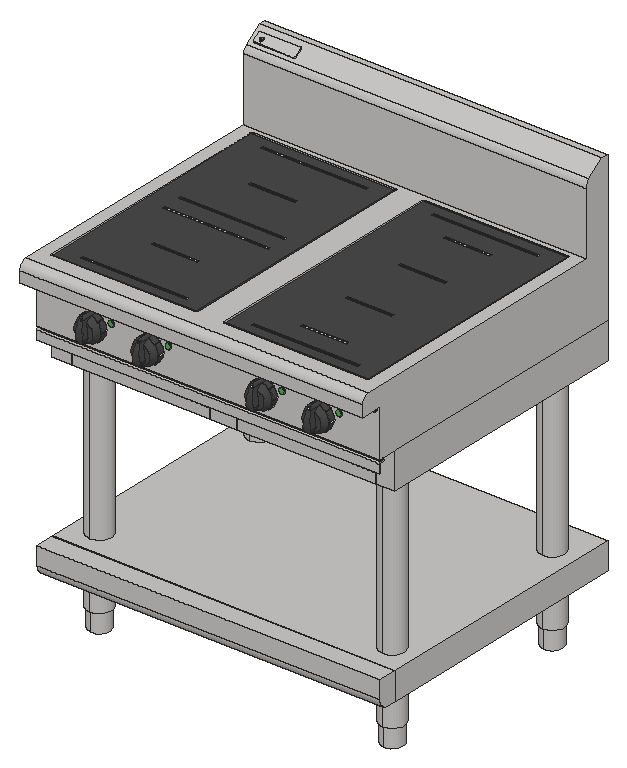
Revit family "QF_Moffat_IN8400R3F-LS_Induction Cooktop_cat", category Specialty Equipment, Revit 2019 (continued)
Definition of nested family "QF_LOGO_Waldorf"
  Lines and regions (mm)
    Split face 7
      outline origin (0, -1.881, 2.589) x (1, 0, 0) y (0, 0.809017, 0.587785)
        loop
          spline (76.449, 5.305) -> (77.855, 5.457) -> (79.166, 5.901) -> (80.291, 6.607) -> (81.155, 7.527) -> (81.698, 8.599) -> (81.883, 9.749) -> (81.698, 10.899) -> (81.155, 11.97) -> (80.291, 12.891) -> (79.166, 13.597) -> (77.855, 14.041) -> (76.449, 14.192)
          spline (76.449, 14.192) -> (75.042, 14.041) -> (73.731, 13.597) -> (72.606, 12.891) -> (71.742, 11.97) -> (71.199, 10.899) -> (71.014, 9.749) -> (71.199, 8.599) -> (71.742, 7.527) -> (72.606, 6.607) -> (73.731, 5.901) -> (75.042, 5.457) -> (76.449, 5.305)
    Split face 8
      outline origin (0, -1.881, 2.589) x (1, 0, 0) y (0, 0.809017, 0.587785)
        loop
          spline (76.449, 7.654) -> (76.841, 7.725) -> (77.206, 7.934) -> (77.52, 8.267) -> (77.76, 8.701) -> (77.912, 9.206) -> (77.963, 9.749) -> (77.912, 10.291) -> (77.76, 10.796) -> (77.52, 11.23) -> (77.206, 11.563) -> (76.841, 11.772) -> (76.449, 11.843)
          spline (76.449, 11.843) -> (76.057, 11.772) -> (75.691, 11.563) -> (75.378, 11.23) -> (75.137, 10.796) -> (74.986, 10.291) -> (74.934, 9.749) -> (74.986, 9.206) -> (75.137, 8.701) -> (75.378, 8.267) -> (75.691, 7.934) -> (76.057, 7.725) -> (76.449, 7.654)
    Split face 9
      outline origin (0, -1.881, 2.589) x (1, 0, 0) y (0, 0.809017, 0.587785)
        loop
          line (86.998, 12.335) -> (86.998, 13.879) -> (83.479, 13.879) -> (83.479, 5.728) -> (87.312, 5.728) -> (87.312, 8.975)
          spline (87.312, 8.975) -> (87.364, 9.356) -> (87.458, 9.686) -> (87.594, 9.968) -> (87.769, 10.204) -> (87.982, 10.398) -> (88.229, 10.55) -> (88.509, 10.666) -> (88.82, 10.746) -> (89.16, 10.794) -> (89.525, 10.812) -> (89.915, 10.803) -> (90.327, 10.77)
          line (90.327, 10.77) -> (90.327, 14.113)
          spline (90.327, 14.113) -> (89.929, 14.127) -> (89.552, 14.111) -> (89.197, 14.066) -> (88.865, 13.991) -> (88.554, 13.887) -> (88.266, 13.754) -> (87.999, 13.591) -> (87.755, 13.399) -> (87.532, 13.177) -> (87.332, 12.926) -> (87.154, 12.645) -> (86.998, 12.335)
    Split face 10
      outline origin (0, -1.881, 2.589) x (1, 0, 0) y (0, 0.809017, 0.587785)
        loop
          line (92.082, 13.879) -> (90.894, 13.879) -> (90.894, 11.972) -> (92.082, 11.972) -> (92.082, 5.728) -> (95.871, 5.728) -> (95.871, 11.972) -> (97.5, 11.972) -> (97.5, 13.879) -> (95.871, 13.879)
          spline (95.871, 13.879) -> (95.843, 14.088) -> (95.845, 14.278) -> (95.877, 14.447) -> (95.939, 14.596) -> (96.03, 14.726) -> (96.151, 14.835) -> (96.301, 14.925) -> (96.482, 14.995) -> (96.692, 15.045) -> (96.931, 15.075) -> (97.201, 15.085) -> (97.5, 15.076)
          line (97.5, 15.076) -> (97.5, 17.266) -> (95.367, 17.266)
          spline (95.367, 17.266) -> (94.982, 17.253) -> (94.58, 17.21) -> (94.174, 17.132) -> (93.774, 17.013) -> (93.39, 16.846) -> (93.034, 16.627) -> (92.717, 16.349) -> (92.448, 16.007) -> (92.24, 15.595) -> (92.102, 15.106) -> (92.046, 14.537) -> (92.082, 13.879)
  Dimensions and locks
    equal spacing: plane 3 "LEFT", plane 7 "Center Y", plane 4 "RIGHT"
    "Length": plane 3 "LEFT" to plane 4 "RIGHT"
    equal spacing: plane 5 "FRONT", plane 8 "Center X", plane 1 "BACK"
    "Depth": plane 5 "FRONT" to plane 1 "BACK"
    "Height": plane 6 "TOP" to level
    plane 4 "RIGHT" to plane 3 "LEFT" = 138 mm
    aligned and locked: level to plane 2
  Automatic sketch dimensions
    Extrusion 1 sketch curve to plane 3 "LEFT" = 0 mm
    plane 3 "LEFT" to Extrusion 1 sketch curve = 4 mm  (x2)
    Extrusion 1 sketch curve to Extrusion 1 sketch curve = 10.75 mm
    Extrusion 1 sketch curve to Extrusion 1 sketch curve = 0.5 mm
    plane 4 "RIGHT" to Extrusion 1 sketch curve = 33 mm
    Extrusion 1 sketch curve to Extrusion 1 sketch curve = 0 mm  (x3)
    Extrusion 1 sketch curve to Extrusion 1 sketch curve = 4 mm
    Extrusion 1 sketch curve to Extrusion 1 sketch curve = 3.464 mm  (x3)
    Extrusion 1 sketch curve to Extrusion 1 sketch curve = 3.541 mm
    Extrusion 1 sketch curve to Extrusion 1 sketch curve = 4.325 mm
    Extrusion 1 sketch curve to Extrusion 1 sketch curve = 19.783 mm
    Extrusion 1 sketch curve to Extrusion 1 sketch curve = 7.592 mm
    plane 3 "LEFT" to Extrusion 2 sketch curve = 15.25 mm
    Extrusion 2 sketch curve to Extrusion 2 sketch curve = 4.325 mm
    plane 3 "LEFT" to Extrusion 3 sketch curve = 14.75 mm
    Extrusion 3 sketch curve to Extrusion 3 sketch curve = 4.325 mm
    Extrusion 1 to Split face 1 sketch curve = 6.879 mm
    Split face 1 sketch curve to Extrusion 1 = 5.728 mm
    Split face 1 sketch curve to Split face 1 sketch curve = 3.132 mm
    Split face 1 sketch curve to Split face 1 sketch curve = 4.068 mm
    Split face 1 sketch curve to Split face 1 sketch curve = 3.051 mm
    Split face 1 sketch curve to Split face 1 sketch curve = 4.203 mm
    Split face 1 sketch curve to Split face 1 sketch curve = 2.916 mm
    Split face 1 sketch curve to Split face 1 sketch curve = 3.456 mm
    Split face 1 sketch curve to Split face 1 sketch curve = 2.934 mm
    Split face 1 sketch curve to Split face 1 sketch curve = 4.131 mm
    Split face 1 sketch curve to Split face 1 sketch curve = 3.96 mm
    Split face 1 sketch curve to Split face 1 sketch curve = 0 mm  (x2)
    Split face 1 sketch curve to Extrusion 1 = 9.736 mm  (x2)
    Extrusion 1 to Split face 1 sketch curve = 6.337 mm
    Extrusion 1 to Split face 1 sketch curve = 6.231 mm
    Extrusion 1 to Split face 1 sketch curve = 3.184 mm
    Extrusion 1 to Split face 1 sketch curve = 13.135 mm
    Split face 1 sketch curve to Split face 1 sketch curve = 4.652 mm
    Split face 1 sketch curve to Split face 1 sketch curve = 3.593 mm
    Split face 1 sketch curve to Split face 1 sketch curve = 1.863 mm
    Split face 1 sketch curve to Split face 1 sketch curve = 0.713 mm
    Split face 1 sketch curve to Split face 1 sketch curve = 2.684 mm
    Split face 1 sketch curve to Split face 1 sketch curve = 3.294 mm
    Split face 1 sketch curve to Split face 1 sketch curve = 0.459 mm
    Split face 1 sketch curve to Split face 1 sketch curve = 2.775 mm
    Split face 1 sketch curve to Split face 1 sketch curve = 1.89 mm
    Split face 1 sketch curve to Split face 1 sketch curve = 0.685 mm
    Split face 1 sketch curve to Split face 1 sketch curve = 9.486 mm
    Split face 1 sketch curve to Split face 1 sketch curve = 16.213 mm
    Split face 1 sketch curve to Split face 1 sketch curve = 3.48 mm
    Split face 1 sketch curve to Split face 1 sketch curve = 4.918 mm
    Split face 1 sketch curve to Split face 1 sketch curve = 7.609 mm
    Split face 1 sketch curve to Split face 1 sketch curve = 0.01 mm  (x2)
    Split face 1 sketch curve to Split face 1 sketch curve = 0.002 mm
    Split face 2 sketch curve to Extrusion 1 = 11.169 mm
    Extrusion 1 to Split face 2 sketch curve = 25.647 mm
    Split face 2 sketch curve to Split face 2 sketch curve = 3.72 mm
    Split face 2 sketch curve to Extrusion 1 = 11.965 mm
    Split face 2 sketch curve to Split face 2 sketch curve = 0.371 mm
    Split face 2 sketch curve to Extrusion 1 = 6.602 mm
    Split face 2 sketch curve to Split face 2 sketch curve = 2.689 mm
    Split face 2 sketch curve to Split face 2 sketch curve = 0.318 mm
    Split face 2 sketch curve to Split face 2 sketch curve = 3.729 mm
    Split face 2 sketch curve to Split face 2 sketch curve = 0.414 mm
    Split face 2 sketch curve to Split face 2 sketch curve = 0.875 mm
    Split face 2 sketch curve to Split face 2 sketch curve = 0.878 mm
    Split face 3 sketch curve to Extrusion 1 = 8.597 mm
    Extrusion 1 to Split face 3 sketch curve = 29.688 mm
    Split face 3 sketch curve to Extrusion 1 = 9.264 mm
    Split face 3 sketch curve to Split face 3 sketch curve = 2.326 mm
    Split face 4 sketch curve to Extrusion 1 = 5.728 mm
    Extrusion 1 to Split face 4 sketch curve = 38.08 mm
    Split face 4 sketch curve to Split face 4 sketch curve = 3.843 mm
    Split face 4 sketch curve to Extrusion 1 = 9.736 mm
    Split face 5 sketch curve to Extrusion 1 = 9.736 mm
    Split face 5 sketch curve to Extrusion 1 = 43.205 mm
    Split face 5 sketch curve to Extrusion 1 = 6.679 mm
    Split face 5 sketch curve to Split face 5 sketch curve = 0.342 mm
    Split face 5 sketch curve to Split face 5 sketch curve = 3.375 mm
    Split face 5 sketch curve to Split face 5 sketch curve = 0.952 mm
    Split face 5 sketch curve to Split face 5 sketch curve = 3.998 mm
    Split face 6 sketch curve to Extrusion 1 = 7.499 mm
    Split face 6 sketch curve to Extrusion 1 = 44.727 mm
    Split face 6 sketch curve to Split face 6 sketch curve = 2.07 mm
    Split face 7 sketch curve to Extrusion 1 = 5.305 mm
    Split face 7 sketch curve to Extrusion 1 = 32.551 mm
    Split face 7 sketch curve to Split face 7 sketch curve = 4.443 mm
    Split face 8 sketch curve to Extrusion 1 = 7.654 mm
    Split face 8 sketch curve to Extrusion 1 = 32.551 mm
    Split face 8 sketch curve to Split face 8 sketch curve = 2.095 mm
    Split face 9 sketch curve to Extrusion 1 = 5.728 mm
    Split face 9 sketch curve to Extrusion 1 = 25.521 mm
    Split face 9 sketch curve to Split face 9 sketch curve = 3.519 mm
    Split face 9 sketch curve to Split face 9 sketch curve = 0.315 mm
    Split face 9 sketch curve to Split face 9 sketch curve = 3.33 mm
    Split face 9 sketch curve to Split face 9 sketch curve = 3.248 mm
    Split face 9 sketch curve to Split face 9 sketch curve = 1.795 mm
    Split face 9 sketch curve to Split face 9 sketch curve = 3.36 mm
    Split face 9 sketch curve to Split face 9 sketch curve = 1.545 mm
    Split face 9 sketch curve to Split face 9 sketch curve = 0.233 mm
    Split face 10 sketch curve to Extrusion 1 = 18.106 mm
    Split face 10 sketch curve to Split face 10 sketch curve = 1.188 mm  (x2)
    Split face 10 sketch curve to Split face 10 sketch curve = 3.285 mm
    Split face 10 sketch curve to Split face 10 sketch curve = 3.789 mm
    Split face 10 sketch curve to Split face 10 sketch curve = 0 mm  (x2)
    Split face 10 sketch curve to Split face 10 sketch curve = 1.629 mm
    Split face 10 sketch curve to Split face 10 sketch curve = 2.133 mm
    Split face 10 sketch curve to Extrusion 1 = 5.728 mm
    Split face 10 sketch curve to Split face 10 sketch curve = 6.245 mm
    Split face 10 sketch curve to Split face 10 sketch curve = 1.907 mm  (x2)
    Split face 10 sketch curve to Split face 10 sketch curve = 1.197 mm
    Split face 10 sketch curve to Split face 10 sketch curve = 2.19 mm
Definition of nested family "Knob"
  Parameters (values of type "Knob")
    Weight in Pounds = 0
    URL Cutsheet = ""
    Specification by User = ""
    Specification by Manufacturer = ""
    Serial Number = ""
    Seismic Rating = ""
    SMACNA No = ""
    Revision Code = ""
    NAFEM Spec ID Number = ""
    Masterspec = ""
    Length = 65 mm
    Item Number = ""
    Installed By = ""
    Identify Quantity as Lot = yes
    Height = 69.5 mm
    Furnished By = ""
    Foodservice Equipment Identifier = yes
    Depth = 59 mm
    CSI MasterFormat = ""
  Reference planes
    plane 1 "BACK": y = 0
    plane 2: z = 0
    plane 3 "LEFT": x = 0
    plane 4 "RIGHT": x = 65
    plane 5 "FRONT": y = -59
    plane 6 "TOP": z = 69.5
    plane 7 "Center Y": x = 32.5
    plane 8 "Center X": y = -29.5
  Forms (mm)
    Revolve 1, solid
      sketch origin (32.5, 175.397, 1219.2) x (0, 1, 0) y (0, 0, 1)
        loop
          line (-175.397, -1186.7) -> (-219.397, -1186.7) -> (-219.397, -1211.501) -> (-202.106, -1219.2) -> (-185.397, -1219.2) -> (-185.397, -1191.7) -> (-175.397, -1191.7) -> (-175.397, -1186.7)
        axis (-219.397, -1186.7) -> (-175.397, -1186.7)
      angle from 0 to 360
    Extrusion 2, solid
      sketch origin (32.5, 175.397, 1219.2) x (0, 1, 0) y (0, 0, 1)
        loop
          line (-202.106, -1154.2) -> (-185.397, -1154.2) -> (-185.397, -1149.7) -> (-224.105, -1149.7)
          arc (-224.105, -1149.7) -> (-233.965, -1178.467) -> (-230.696, -1208.7) r 70
          line (-230.696, -1208.7) -> (-219.397, -1208.7) -> (-219.397, -1161.899) -> (-202.106, -1154.2)
      from -15 to 15
    Extrusion 3, void
      sketch origin (0, 0, 0) x (1, 0, 0) y (0, 0, 1)
        loop
          line (27.501, 64.613) -> (22.02, 20.585)
          arc (22.02, 20.585) -> (32.792, 10.488) -> (42.986, 21.169) r 10.487
          line (42.986, 21.169) -> (37.499, 64.613)
          arc (37.499, 64.613) -> (32.5, 69.5) -> (27.501, 64.613) r 5
        loop
          line (10, 72.977) -> (10, 5.625) -> (55, 5.625) -> (55, 72.977) -> (10, 72.977)
      from 6.142 to 69.687
    Extrusion 4, solid
      sketch origin (0, -34.115, -16.916) x (1, 0, 0) y (0, 0.45399, 0.891007)
        loop
          circle (32.497, 65) r 2
      from 51.525 to 53.075
    Extrusion 5, solid
      sketch origin (32.5, -10, 32.5) x (0, 0, -1) y (-1, 0, 0)
        loop
          line (-23.54, -22.408) -> (-24.106, -22.974)
          arc (-24.106, -22.974) -> (-23.547, -23.547) -> (-22.974, -24.106) r 33.3
          line (-22.974, -24.106) -> (-22.408, -23.54)
          arc (-22.408, -23.54) -> (-22.981, -22.981) -> (-23.54, -22.408) r 32.5
        loop
          arc (-0.8, -33.29) -> (0, -33.3) -> (0.8, -33.29) r 33.3
          line (0.8, -33.29) -> (0.8, -32.49)
          arc (0.8, -32.49) -> (0, -32.5) -> (-0.8, -32.49) r 32.5
          line (-0.8, -32.49) -> (-0.8, -33.29)
        loop
          arc (23.54, -22.408) -> (22.981, -22.981) -> (22.408, -23.54) r 32.5
          line (22.408, -23.54) -> (22.974, -24.106)
          arc (22.974, -24.106) -> (23.547, -23.547) -> (24.106, -22.974) r 33.3
          line (24.106, -22.974) -> (23.54, -22.408)
        loop
          arc (-23.54, 22.408) -> (-22.981, 22.981) -> (-22.408, 23.54) r 32.5
          line (-22.408, 23.54) -> (-22.974, 24.106)
          arc (-22.974, 24.106) -> (-23.547, 23.547) -> (-24.106, 22.974) r 33.3
          line (-24.106, 22.974) -> (-23.54, 22.408)
        loop
          line (-0.8, 33.29) -> (-0.8, 32.49)
          arc (-0.8, 32.49) -> (0, 32.5) -> (0.8, 32.49) r 32.5
          line (0.8, 32.49) -> (0.8, 33.29)
          arc (0.8, 33.29) -> (0, 33.3) -> (-0.8, 33.29) r 33.3
        loop
          line (32.49, -0.8) -> (33.29, -0.8)
          arc (33.29, -0.8) -> (33.3, 0) -> (33.29, 0.8) r 33.3
          line (33.29, 0.8) -> (32.49, 0.8)
          arc (32.49, 0.8) -> (32.5, 0) -> (32.49, -0.8) r 32.5
        loop
          arc (24.106, 22.974) -> (23.547, 23.547) -> (22.974, 24.106) r 33.3
          line (22.974, 24.106) -> (22.408, 23.54)
          arc (22.408, 23.54) -> (22.981, 22.981) -> (23.54, 22.408) r 32.5
          line (23.54, 22.408) -> (24.106, 22.974)
      from 0 to -16.709
  Cuts and joins
    Extrusion 3 cuts Extrusion 2
  Dimensions and locks
    equal spacing: plane 3 "LEFT", plane 7 "Center Y", plane 4 "RIGHT"
    "Length": plane 3 "LEFT" to plane 4 "RIGHT"
    equal spacing: plane 5 "FRONT", plane 8 "Center X", plane 1 "BACK"
    "Depth": plane 5 "FRONT" to plane 1 "BACK"
    "Height": plane 6 "TOP" to level
    plane 4 "RIGHT" to plane 3 "LEFT" = 65 mm
    aligned and locked: level to plane 2
  Automatic sketch dimensions
    Revolve 1 sketch curve to level = 0 mm
    Revolve 1 sketch curve to plane 1 "BACK" = 0 mm  (x2)
    plane 1 "BACK" to Revolve 1 sketch curve = 10 mm
    plane 8 "Center X" to Revolve 1 sketch curve = 2.791 mm
    Revolve 1 sketch curve to plane 8 "Center X" = 14.5 mm
    level to Revolve 1 sketch curve = 7.699 mm
    level to Revolve 1 sketch curve = 27.5 mm
    Revolve 1 sketch curve to Revolve 1 sketch curve = 5 mm
    Revolve 1 sketch curve to Revolve 1 sketch curve = 35 mm
    Revolve 1 sketch curve to Revolve 1 sketch curve = 0 mm
    Extrusion 2 sketch curve to plane 6 "TOP" = 0 mm
    Extrusion 2 sketch curve to plane 5 "FRONT" = 3.702 mm
    Extrusion 2 sketch curve to plane 5 "FRONT" = 10.293 mm
    Extrusion 2 sketch curve to Extrusion 2 sketch curve = 11.298 mm
    plane 8 "Center X" to Extrusion 2 sketch curve = 2.791 mm
    plane 1 "BACK" to Extrusion 2 sketch curve = 10 mm
    Extrusion 2 sketch curve to plane 1 "BACK" = 11 mm
    Extrusion 2 sketch curve to plane 6 "TOP" = 4.5 mm
    Extrusion 2 sketch curve to plane 6 "TOP" = 12.199 mm
    level to Extrusion 2 sketch curve = 32.962 mm
    level to Extrusion 3 sketch curve = 5.625 mm
    Extrusion 3 sketch curve to plane 7 "Center Y" = 0 mm  (x2)
    Extrusion 3 sketch curve to plane 7 "Center Y" = 4.999 mm
    Extrusion 3 sketch curve to plane 7 "Center Y" = 10.48 mm
    plane 6 "TOP" to Extrusion 3 sketch curve = 3.477 mm
    plane 3 "LEFT" to Extrusion 3 sketch curve = 10 mm
    Extrusion 3 sketch curve to plane 6 "TOP" = 4.887 mm
    Extrusion 3 sketch curve to Extrusion 3 sketch curve = 4.999 mm
    plane 7 "Center Y" to Extrusion 3 sketch curve = 10.486 mm
    level to Extrusion 3 sketch curve = 20.585 mm
    Extrusion 3 sketch curve to Extrusion 3 sketch curve = 0.387 mm
    Extrusion 3 sketch curve to Extrusion 3 sketch curve = 0.113 mm
    plane 4 "RIGHT" to Extrusion 3 sketch curve = 10 mm
    Extrusion 5 sketch curve to Revolve 1 = 32.49 mm
    Revolve 1 to Extrusion 5 sketch curve = 32.49 mm
    Extrusion 5 sketch curve to Revolve 1 = 23.54 mm  (x2)
    Revolve 1 to Extrusion 5 sketch curve = 23.54 mm  (x2)
    Extrusion 5 sketch curve to Revolve 1 = 24.106 mm  (x2)
    Revolve 1 to Extrusion 5 sketch curve = 24.106 mm  (x2)
    Revolve 1 to Extrusion 5 sketch curve = 22.408 mm  (x2)
    Extrusion 5 sketch curve to Revolve 1 = 22.408 mm  (x2)
    Revolve 1 to Extrusion 5 sketch curve = 22.974 mm  (x2)
    Extrusion 5 sketch curve to Revolve 1 = 22.974 mm  (x2)
    Extrusion 5 sketch curve to Extrusion 5 sketch curve = 1.6 mm  (x2)
    Revolve 1 to Extrusion 5 sketch curve = 0.8 mm
    Extrusion 5 sketch curve to Revolve 1 = 0.8 mm
    Extrusion 4 sketch curve to plane 7 "Center Y" = 0.003 mm
    radius of Extrusion 5 sketch curve to Revolve 1 = 0 mm  (x7)
    radius of Revolve 1 to Extrusion 5 sketch curve = 0.8 mm  (x7)
    radius of Extrusion 4 sketch curve = 2 mm
Types (2, lengths in mm): name | Volts | Model | Cycle | Apparent Power
  INB8400R3F-LS_415/60/3 | 415 V | "IN8400R3F-LS" | 60 Hz | 17230.8 VA
  INB8400R3F-LS_400/50/3 | 400 V | "INB8400R3F-LS" | 50 Hz | 16608 VA
